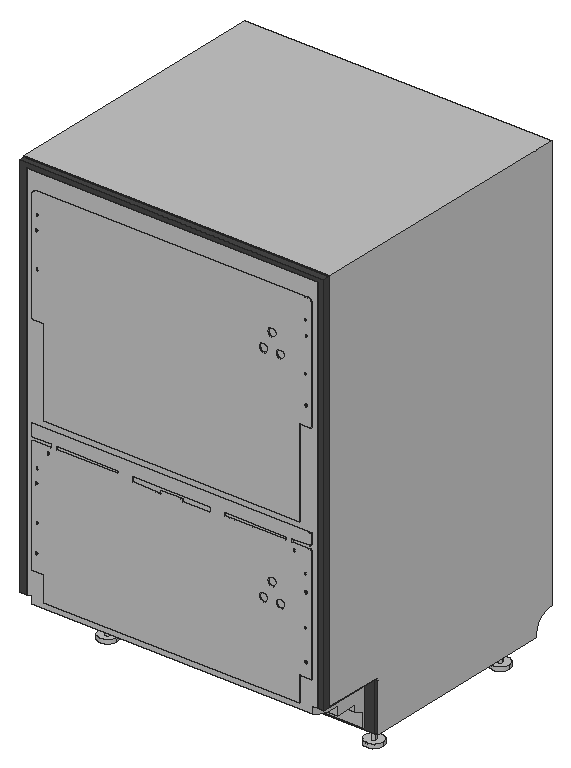
Revit family "FP_Revit_18_DD60DTX6I1_DishDrawer_90001208A", category Specialty Equipment, Revit 2018
Family settings
  Round Connector Dimension = Use Diameter
  Part Type = Normal
  OmniClass Number = 23.40.40.14.31
  OmniClass Title = Cleaning and Disposal Equipment
  Work Plane-Based = No
  Always vertical = Yes
  Cut with Voids When Loaded = Yes
  Shared = No
  Room Calculation Point = No
Parameters (values of type "DD60DTX6HI1")
  Visibility - Toe Kick = no
  Visibility - Door Panel = no
  Visibility - Clearance Required = yes
  URL = "www.fisherpaykel.com"
  Toe Kick - Recess (40mm - 100mm) [instance] = 100 mm
  Product - Width = 599 mm  # constant formula
  Product - Height (864mm - 924mm) [instance] = 900 mm
  Product - Depth = 571 mm  # constant formula
  Panel - Depth [instance] = 18 mm
  Model = "DD60DTX6HI1"
  Material - Trim = Fisher & Paykel - Black
  Material - Toe Kick = Fisher & Paykel - Stainless Steel
  Material - Front = Fisher & Paykel - Stainless Steel
  Material - Body = Fisher & Paykel - Grey
  Manufacturer = "Fisher & Paykel Appliances"
  Description = "60cm DishDrawer, Integrated"
  Connector Description - Water = "3/4” BSP (GB20) to suit flat washer"
  Connector Description - Sanitary = "Drain Hose, No Fitting Required"
  Connector Description - Electrical = "220-240 V, 50 Hz, min 8.5 A, fused electrical supply"
  Chassis - Height (855mm Tall or 811mm Std) = 855 mm  # constant formula
  Chassis - Depth = 553 mm  # constant formula
  Cavity - Width = 600 mm  # constant formula
  Cavity - Depth (excluding front panel) = 560 mm  # constant formula
Types (3, lengths in mm): name | Model
  (no name) | "DD60DTX6HI1"
  DD60DTX6HI1 | "DD60DTX6HI1"
  DD60DTX6I1 | "DD60DTX6I1"
Reference planes
  plane 1 "Datum": y = 0
  plane 2: z = 0
  plane 3 "Center (Left/Right)": x = 0
  plane 4: z = 0
  plane 5 "Product LHS": x = -299.5
  plane 6 "Product RHS": x = 299.5
  plane 7 "Product - Depth": y = 553
  plane 8 "Cavity LHS": x = -300
  plane 9 "Cavity RHS": x = 300
  plane 10 "Cavity - Depth": y = 560
  plane 11 "Leg Height": z = 45
  plane 12 "Product - Height": z = 900
  plane 13 "Cavity - Height": z = 902
  plane 14 "Door Panel - Depth": y = -18
Forms (mm)
  Extrusion 1, solid, material "Fisher & Paykel - Grey" <- "Material - Body"
    sketch origin (0, 0, 0) x (0, 1, 0) y (0, 0, 1)
      loop
        line (12, 900) -> (12, 146.5) -> (118.15, 146.5)
        arc (118.15, 146.5) -> (125.221, 143.571) -> (128.15, 136.5) r 10
        line (128.15, 136.5) -> (128.15, 45) -> (510.35, 45) -> (510.35, 89.298) -> (553, 89.298) -> (553, 900) -> (12, 900)
    from -299.5 to 299.5
  Extrusion 2, solid, material "Fisher & Paykel - Grey" <- "Material - Body", detail levels fine
    sketch origin (0, 0, 0) x (1, 0, 0) y (0, 0, 1)
      loop
        line (-274, 846.4) -> (-274, 633.176)
        arc (-274, 633.176) -> (-272.536, 629.64) -> (-269, 628.176) r 5
        line (-269, 628.176) -> (-250, 628.176) -> (-250, 458) -> (250, 458) -> (250, 628.907) -> (269, 628.907)
        arc (269, 628.907) -> (272.536, 630.371) -> (274, 633.907) r 5
        line (274, 633.907) -> (274, 846.4)
        arc (274, 846.4) -> (271.071, 853.471) -> (264, 856.4) r 10
        line (264, 856.4) -> (-264, 856.4)
        arc (-264, 856.4) -> (-271.071, 853.471) -> (-274, 846.4) r 10
      loop
        line (-274, 446.676) -> (-274, 427.976)
        arc (-274, 427.976) -> (-272.536, 424.44) -> (-269, 422.976) r 5
        line (-269, 422.976) -> (-235, 422.976) -> (-235, 416.976) -> (-269, 416.976)
        arc (-269, 416.976) -> (-272.536, 415.512) -> (-274, 411.976) r 5
        line (-274, 411.976) -> (-274, 189.476) -> (-250, 189.476) -> (-250, 139.476) -> (250, 139.476) -> (250, 189.476) -> (274, 189.476) -> (274, 411.976)
        arc (274, 411.976) -> (272.536, 415.512) -> (269, 416.976) r 5
        line (269, 416.976) -> (235, 416.976) -> (235, 422.976) -> (269, 422.976)
        arc (269, 422.976) -> (272.536, 424.44) -> (274, 427.976) r 5
        line (274, 427.976) -> (274, 446.676) -> (-274, 446.676)
      loop
        circle (241, 404.875) r 2.5
      loop
        circle (196.5, 333.976) r 8
      loop
        circle (213, 300.976) r 8
      loop
        circle (180, 300.976) r 8
      loop
        circle (262.5, 275.976) r 2.017
      loop
        circle (263.5, 216.576) r 2.612
      loop
        circle (263.5, 338.976) r 2.718
      loop
        circle (262.5, 371.476) r 2
      loop
        circle (-241, 404.875) r 2.5
      loop
        circle (-262.5, 275.976) r 2.017
      loop
        circle (-263.5, 221.576) r 2.612
      loop
        circle (-263.5, 343.976) r 2.718
      loop
        circle (-262.5, 371.476) r 2
      loop
        circle (262.5, 815.676) r 1.941
      loop
        circle (263.5, 788.176) r 2.488
      loop
        circle (262.5, 720.907) r 2
      loop
        circle (263.5, 666.507) r 2.685
      loop
        circle (-262.5, 815.676) r 1.941
      loop
        circle (-263.5, 788.176) r 2.488
      loop
        circle (-262.5, 720.176) r 2
      loop
        line (103, 422.976) -> (103, 416.976) -> (225, 416.976) -> (225, 422.976) -> (103, 422.976)
      loop
        line (-77, 422.976) -> (-77, 411.976) -> (-21, 411.976) -> (-21, 416.976) -> (21, 416.976) -> (21, 411.976) -> (77, 411.976) -> (77, 422.976) -> (-77, 422.976)
      loop
        line (-103, 422.976) -> (-225, 422.976) -> (-225, 416.976) -> (-103, 416.976) -> (-103, 422.976)
      loop
        circle (196.5, 770.907) r 8
      loop
        circle (213, 737.907) r 8
      loop
        circle (180, 737.907) r 8
    from 0 to 0.8
  Extrusion 3, solid, material "Fisher & Paykel - Black" <- "Material - Trim"
    sketch origin (0, 0, 0) x (1, 0, 0) y (0, 0, 1)
      loop
        line (-297.5, 898.541) -> (-297.5, 142.404) -> (-283.999, 142.404) -> (-283.999, 890) -> (284, 890) -> (284, 142.404) -> (297.5, 142.404) -> (297.5, 898.541) -> (-297.5, 898.541)
    from -12 to 0
  Extrusion 4, solid, material "Fisher & Paykel - Grey" <- "Material - Body"
    sketch origin (0, -1.875, 0) x (1, 0, 0) y (0, 1, 0)
      loop
        circle (-260.6, 478.3) r 4
      loop
        circle (-260.6, 170.1) r 4
      loop
        circle (260.6, 478.3) r 4
      loop
        circle (260.6, 170.1) r 4
    from 7 to 45
  Extrusion 5, solid, material "Fisher & Paykel - Grey" <- "Material - Body"
    sketch origin (0, -1.875, 0) x (1, 0, 0) y (0, 1, 0)
      loop
        circle (-260.6, 170.1) r 17.816
      loop
        circle (-260.6, 478.3) r 17.816
      loop
        circle (260.6, 170.1) r 17.816
      loop
        circle (260.6, 478.3) r 17.816
    from 0 to 7
  Sweep 6, solid, material "Fisher & Paykel - Grey" <- "Material - Body", detail levels medium+fine
    path origin (0, 537.938, 0) x (1, 0, 0) y (0, 0, 1)
      loop
        line (-134.5, 89.298) -> (-134.5, 54.132)
        arc (-134.5, 54.132) -> (-140.358, 39.989) -> (-154.5, 34.132) r 20
        line (-154.5, 34.132) -> (-349.5, 34.132)
    profile origin (-134.5, 537.938, 71.715) x (0, -1, 0) y (1, 0, 0)
      loop
        circle (0, 0) r 9
  Sweep 7, solid, material "Fisher & Paykel - Grey" <- "Material - Body", detail levels medium+fine
    path origin (0, 537.938, 0) x (1, 0, 0) y (0, 0, 1)
      loop
        line (-189.5, 89.298) -> (-189.5, 73.507)
        arc (-189.5, 73.507) -> (-195.358, 59.364) -> (-209.5, 53.507) r 20
        line (-209.5, 53.507) -> (-349.5, 53.507)
    profile origin (-189.5, 537.938, 81.402) x (0, -1, 0) y (1, 0, 0)
      loop
        circle (0, 0) r 9
  Sweep 8, solid, material "Fisher & Paykel - Grey" <- "Material - Body", detail levels medium+fine
    path origin (0, 0, 0) x (1, 0, 0) y (0, 0, 1)
      loop
        line (-349.186, 53.851) -> (-218.186, 53.851)
        arc (-218.186, 53.851) -> (-204.044, 59.709) -> (-198.186, 73.851) r 20
        line (-198.186, 73.851) -> (-198.186, 89.298)
    profile origin (-198.186, 0, 81.575) x (-1, 0, 0) y (0, -1, 0)
      loop
        circle (0, -524.105) r 5
  Extrusion 9, solid, material "Fisher & Paykel - Clearance Required", visible <- "Visibility - Clearance Required", detail levels coarse
    sketch origin (0, 0, 0) x (0, 1, 0) y (0, 0, 1)
      loop
        line (-18, 0) -> (-18, 449.976) -> (-545, 449.976) -> (-545, 380.976) -> (-586, 380.976) -> (-586, 364.973) -> (-545, 364.973) -> (-545, 0) -> (-18, 0)
      loop
        line (-18, 458) -> (-18, 900) -> (-545, 900) -> (-545, 831) -> (-586, 831) -> (-586, 814.997) -> (-545, 814.997) -> (-545, 458) -> (-18, 458)
    from -300 to 300
  Extrusion 10, solid, material "Fisher & Paykel - Clearance Required", visible <- "Visibility - Clearance Required", detail levels coarse
    sketch origin (0, 0, 0) x (1, 0, 0) y (0, 1, 0)
      loop
        line (300, 560) -> (-300, 560) -> (-300, -18) -> (300, -18) -> (300, 560)
    from 0 to 902
  Extrusion 11, void
    sketch origin (0, 0, 0) x (1, 0, 0) y (0, 1, 0)
      loop
        line (-300, -18) -> (300, -18) -> (300, 560) -> (-300, 560) -> (-300, -18)
    from 0 to 902
  Extrusion 12, solid, material "Fisher & Paykel - Grey" <- "Material - Body"
    sketch origin (0, 0, 0) x (1, 0, 0) y (0, 0, 1)
      loop
        line (-283.999, 890) -> (-283.999, 142.404) -> (284, 142.404) -> (284, 890) -> (-283.999, 890)
    from -12 to 0
  Extrusion 13, solid, material "Fisher & Paykel - Grey" <- "Material - Body"
    sketch origin (0, 0, 0) x (0, 1, 0) y (0, 0, 1)
      loop
        line (124.15, 50.492) -> (124.15, 142.404) -> (0, 142.404) -> (0, 129.265)
        arc (0, 129.265) -> (17.333, 121.771) -> (35.586, 116.932) r 126.919
        line (35.586, 116.932) -> (61.053, 116.932) -> (61.053, 99.582) -> (103.548, 99.582) -> (103.548, 88.084) -> (122.346, 77.363) -> (122.346, 50.492) -> (124.15, 50.492)
    from -275 to 275
  Extrusion 14, solid, material "Fisher & Paykel - Grey" <- "Material - Body", detail levels fine
    sketch origin (0, 0, 0) x (0, 1, 0) y (0, 0, 1)
      loop
        arc (545.956, 79.845) -> (549.529, 81.356) -> (550.933, 84.972) r 4.979
        line (550.933, 84.972) -> (550.933, 89.298) -> (510.35, 89.298) -> (510.35, 61.689) -> (530.184, 79.845) -> (545.956, 79.845)
    from -229.8 to -91.607
  Sweep 15, solid, material "Fisher & Paykel - Grey" <- "Material - Body", detail levels medium+fine
    path origin (0, 0, 0) x (1, 0, 0) y (0, 1, 0)
      loop
        line (-47.875, 510.35) -> (-47.875, 529.222)
        arc (-47.875, 529.222) -> (-52.269, 539.828) -> (-62.875, 544.222) r 15
        line (-62.875, 544.222) -> (-349.5, 544.222)
    profile origin (-47.875, 519.786, 0) x (-1, 0, 0) y (0, 0, 1)
      loop
        circle (0, 69.3) r 5
  Extrusion 16, solid, material "Fisher & Paykel - Black" <- "Material - Trim", detail levels fine
    sketch origin (0, 0, 0) x (0, 1, 0) y (0, 0, 1)
      loop
        line (128.15, 48.091) -> (128.15, 136.5)
        arc (128.15, 136.5) -> (125.221, 143.571) -> (118.15, 146.5) r 10
        line (118.15, 146.5) -> (12, 146.5) -> (12, 142.404) -> (124.15, 142.404) -> (124.15, 48.091) -> (128.15, 48.091)
    from -297.5 to 297.5
  Extrusion 17, solid, material "Fisher & Paykel - Grey" <- "Material - Body"
    sketch origin (0, 0, 0) x (0, 1, 0) y (0, 0, 1)
      loop
        line (510.35, 89.298) -> (510.35, 45) -> (514.35, 45)
        arc (514.35, 45) -> (525.48, 73.009) -> (553, 85.298) r 40
        line (553, 85.298) -> (553, 89.298) -> (510.35, 89.298)
    from 288.5 to 299.5
  Extrusion 18, solid, material "Fisher & Paykel - Grey" <- "Material - Body"
    sketch origin (0, 0, 0) x (0, 1, 0) y (0, 0, -1)
      loop
        line (510.35, -89.298) -> (553, -89.298) -> (553, -85.298)
        arc (553, -85.298) -> (525.48, -73.009) -> (514.35, -45) r 40
        line (514.35, -45) -> (510.35, -45) -> (510.35, -89.298)
    from 288.5 to 299.5
  Extrusion 19, solid, material "Fisher & Paykel - Stainless Steel" <- "Material - Front", visible <- "Visibility - Door Panel", detail levels fine
    sketch origin (0, 0, 0) x (1, 0, 0) y (0, 0, 1)
      loop
        line (-298, 900) -> (-298, 458) -> (298, 458) -> (298, 900) -> (-298, 900)
      loop
        line (-298, 449.976) -> (-298, 138.976) -> (298, 138.976) -> (298, 449.976) -> (-298, 449.976)
    from 0.8 to 18
  Extrusion 20, solid, material "Fisher & Paykel - Grey", visible <- "Visibility - Toe Kick"
    sketch origin (0, 0, 0) x (0, 1, 0) y (0, 0, 1)
      loop
        line (100, 12) -> (100, 116.932) -> (82, 116.932) -> (82, 12) -> (100, 12)
    from -297.5 to 297.5
Cuts and joins
  joined: Extrusion 1, Extrusion 17, Extrusion 18
  joined: Extrusion 12, Extrusion 13
Text (mm)
  text "Due to ongoing product development, product details are subject to change without notice. \nPlease always refer to www.fisherpaykel.com for the most current product information. \n© Fisher & Paykel 2020" at (41.04, -690.05, 0), in view "Ref. Level (Plan)"
Dimensions and locks
  equal spacing: plane 5 "Product LHS", plane 3 "Center (Left/Right)", plane 6 "Product RHS"
  "Product - Width": plane 5 "Product LHS" to plane 6 "Product RHS"
  "Chassis - Depth": plane 1 "Datum" to plane 7 "Product - Depth"
  equal spacing: plane 8 "Cavity LHS", plane 3 "Center (Left/Right)", plane 9 "Cavity RHS"
  "Cavity - Width": plane 8 "Cavity LHS" to plane 9 "Cavity RHS"
  Extrusion 1 sketch curve to Extrusion 1 sketch curve = 855 mm
  Extrusion 2 sketch curve to plane 11 "Leg Height" = 401.676 mm
  "Chassis - Height (855mm Tall or 811mm Std)": plane 12 "Product - Height" to plane 11 "Leg Height"
  Extrusion 2 sketch curve to plane 11 "Leg Height" = 583.176 mm
  locked: plane 12 "Product - Height" to Extrusion 2 sketch curve at 43.6
  "Product - Height (864mm - 924mm)": plane 12 "Product - Height" to level
  plane 12 "Product - Height" to Extrusion 2 = 43.6 mm
  Extrusion 2 to plane 11 "Leg Height" = 401.676 mm
  Extrusion 2 to plane 11 "Leg Height" = 413 mm
  locked: plane 13 "Cavity - Height" to plane 12 "Product - Height" at 2
  "Panel - Depth": plane 14 "Door Panel - Depth" to plane 1 "Datum"
  plane 14 "Door Panel - Depth" to plane 7 "Product - Depth" = 571 mm
  locked: plane 11 "Leg Height" to Sweep 15 sketch curve at 24.3
  equal spacing: Extrusion 19 sketch curve, plane 3 "Center (Left/Right)", Extrusion 19 sketch curve
  locked: Extrusion 19 sketch curve to Extrusion 19 sketch curve at 442
  locked: Extrusion 19 sketch curve to Extrusion 19 sketch curve at 311
  locked: Extrusion 19 sketch curve to Extrusion 19 sketch curve at 8.024
  locked: Extrusion 19 sketch curve to Extrusion 19 sketch curve at 596
  plane 12 "Product - Height" to Extrusion 19 sketch curve = 0 mm
  locked: plane 11 "Leg Height" to cut or joined group of Extrusion 12, Extrusion 13 at 71.932
  locked: Extrusion 9 to Extrusion 20 sketch curve at 12
  "Panel - Depth": Extrusion 20 to Extrusion 20
  "Toe Kick - Recess (40mm - 100mm)": plane 14 "Door Panel - Depth" to Extrusion 20
  "Cavity - Depth (excluding front panel)": plane 1 "Datum" to plane 10 "Cavity - Depth"
  aligned and locked: level to plane 2
  aligned and locked: Extrusion 1 sketch curve to plane 11 "Leg Height"
  aligned and locked: Extrusion 4 to Extrusion 5
  aligned and locked: plane 12 "Product - Height" to Extrusion 1
  aligned and locked: Extrusion 9 to plane 9 "Cavity RHS"
  aligned and locked: plane 8 "Cavity LHS" to Extrusion 9
  aligned and locked: Extrusion 10 sketch curve to plane 8 "Cavity LHS"
  aligned and locked: Extrusion 10 sketch curve to plane 9 "Cavity RHS"
  aligned and locked: plane 10 "Cavity - Depth" to Extrusion 10 sketch curve
  aligned and locked: Extrusion 4 to Extrusion 1
  aligned and locked: plane 13 "Cavity - Height" to Extrusion 11
  aligned and locked: Extrusion 9 to level
  aligned and locked: Extrusion 14 to Extrusion 1
  aligned and locked: Extrusion 17 sketch curve to Extrusion 1
  aligned and locked: cut or joined group of Extrusion 1, Extrusion 17, Extrusion 18 to Sweep 6 sketch curve
  aligned and locked: cut or joined group of Extrusion 1, Extrusion 17, Extrusion 18 to Sweep 7 sketch curve
  aligned and locked: Sweep 7 to Sweep 8 sketch curve
  aligned and locked: Extrusion 19 sketch curve to Extrusion 19 sketch curve  (x2)
  aligned and locked: Extrusion 19 to Extrusion 9  (x2)
  aligned and locked: Extrusion 11 to Extrusion 19
  aligned and locked: Extrusion 9 to Extrusion 2
  aligned and locked: Extrusion 9 to Extrusion 19
  aligned and locked: Extrusion 10 to Extrusion 9
  aligned and locked: Extrusion 11 to Extrusion 9
  aligned and locked: plane 14 "Door Panel - Depth" to Extrusion 19
  aligned and locked: plane 12 "Product - Height" to Extrusion 9
  aligned and locked: Extrusion 10 to Extrusion 11
Automatic sketch dimensions
  Extrusion 1 sketch curve to plane 7 "Product - Depth" = 0 mm
  Extrusion 1 sketch curve to plane 7 "Product - Depth" = 42.65 mm
  Extrusion 1 sketch curve to plane 1 "Datum" = 128.15 mm
  Extrusion 1 sketch curve to Extrusion 1 sketch curve = 10 mm
  Extrusion 1 sketch curve to plane 1 "Datum" = 12 mm
  Extrusion 1 sketch curve to plane 11 "Leg Height" = 44.298 mm
  Extrusion 1 sketch curve to plane 11 "Leg Height" = 91.5 mm
  Extrusion 2 sketch curve to plane 5 "Product LHS" = 25.5 mm  (x3)
  Extrusion 2 sketch curve to Extrusion 2 sketch curve = 5 mm  (x7)
  Extrusion 2 sketch curve to Extrusion 2 sketch curve = 10 mm  (x3)
  Extrusion 2 sketch curve to plane 5 "Product LHS" = 36 mm  (x2)
  Extrusion 2 sketch curve to Extrusion 2 sketch curve = 10.5 mm
  Extrusion 2 sketch curve to Extrusion 2 sketch curve = 1 mm  (x4)
  Extrusion 2 sketch curve to plane 5 "Product LHS" = 37 mm  (x2)
  Extrusion 2 sketch curve to Extrusion 2 sketch curve = 24 mm  (x2)
  Extrusion 2 sketch curve to plane 5 "Product LHS" = 49.5 mm
  Extrusion 2 sketch curve to Extrusion 2 sketch curve = 28 mm
  Extrusion 2 sketch curve to Extrusion 2 sketch curve = 6 mm  (x7)
  Extrusion 2 sketch curve to plane 3 "Center (Left/Right)" = 103 mm
  Extrusion 2 sketch curve to Extrusion 2 sketch curve = 26 mm  (x2)
  Extrusion 2 sketch curve to plane 3 "Center (Left/Right)" = 21 mm
  plane 3 "Center (Left/Right)" to Extrusion 2 sketch curve = 21 mm
  Extrusion 2 sketch curve to Extrusion 2 sketch curve = 56 mm
  plane 6 "Product RHS" to Extrusion 2 sketch curve = 119.5 mm  (x2)
  Extrusion 2 sketch curve to Extrusion 2 sketch curve = 16.5 mm  (x2)
  Extrusion 2 sketch curve to Extrusion 2 sketch curve = 33 mm  (x4)
  plane 6 "Product RHS" to Extrusion 2 sketch curve = 74.5 mm
  plane 6 "Product RHS" to Extrusion 2 sketch curve = 49.5 mm  (x2)
  plane 6 "Product RHS" to Extrusion 2 sketch curve = 37 mm  (x4)
  Extrusion 2 sketch curve to Extrusion 2 sketch curve = 13.5 mm
  plane 6 "Product RHS" to Extrusion 2 sketch curve = 36 mm
  Extrusion 2 sketch curve to Extrusion 2 sketch curve = 1.5 mm
  plane 6 "Product RHS" to Extrusion 2 sketch curve = 30.5 mm
  Extrusion 2 sketch curve to Extrusion 2 sketch curve = 19 mm
  Extrusion 2 sketch curve to Extrusion 2 sketch curve = 0 mm  (x6)
  Extrusion 2 sketch curve to Extrusion 2 sketch curve = 18.7 mm  (x2)
  Extrusion 2 sketch curve to Extrusion 2 sketch curve = 11 mm
  Extrusion 2 sketch curve to Extrusion 2 sketch curve = 12.101 mm  (x2)
  Extrusion 2 sketch curve to Extrusion 2 sketch curve = 33.399 mm  (x2)
  Extrusion 2 sketch curve to Extrusion 2 sketch curve = 27.5 mm  (x3)
  Extrusion 2 sketch curve to Extrusion 2 sketch curve = 32.5 mm
  Extrusion 2 sketch curve to Extrusion 2 sketch curve = 68 mm
  Extrusion 2 sketch curve to Extrusion 2 sketch curve = 25 mm
  Extrusion 2 sketch curve to Extrusion 2 sketch curve = 54.4 mm  (x2)
  Extrusion 2 sketch curve to Extrusion 2 sketch curve = 59.4 mm
  Extrusion 2 sketch curve to Extrusion 2 sketch curve = 27.1 mm
  Extrusion 2 sketch curve to Extrusion 2 sketch curve = 32.1 mm
  Extrusion 2 sketch curve to Extrusion 2 sketch curve = 50 mm
  Extrusion 2 sketch curve to Extrusion 2 sketch curve = 11.324 mm
  Extrusion 2 sketch curve to Extrusion 2 sketch curve = 170.907 mm
  Extrusion 2 sketch curve to Extrusion 2 sketch curve = 32.6 mm
  Extrusion 2 sketch curve to Extrusion 2 sketch curve = 87 mm
  Extrusion 2 sketch curve to Extrusion 2 sketch curve = 17 mm
  Extrusion 2 sketch curve to Extrusion 2 sketch curve = 58.224 mm  (x2)
  Extrusion 3 sketch curve to plane 5 "Product LHS" = 2 mm
  Extrusion 3 sketch curve to plane 5 "Product LHS" = 15.501 mm
  plane 6 "Product RHS" to Extrusion 3 sketch curve = 15.5 mm
  plane 6 "Product RHS" to Extrusion 3 sketch curve = 2 mm
  Extrusion 3 sketch curve to plane 11 "Leg Height" = 97.404 mm  (x2)
  Extrusion 3 sketch curve to plane 12 "Product - Height" = 10 mm
  Extrusion 3 sketch curve to plane 12 "Product - Height" = 1.459 mm
  Extrusion 4 sketch curve to plane 5 "Product LHS" = 38.9 mm  (x2)
  plane 6 "Product RHS" to Extrusion 4 sketch curve = 38.9 mm  (x2)
  Extrusion 4 sketch curve to plane 1 "Datum" = 168.225 mm  (x2)
  Extrusion 4 sketch curve to plane 7 "Product - Depth" = 76.575 mm  (x2)
  Extrusion 5 sketch curve to plane 5 "Product LHS" = 38.9 mm  (x2)
  plane 6 "Product RHS" to Extrusion 5 sketch curve = 38.9 mm  (x2)
  Extrusion 5 sketch curve to plane 1 "Datum" = 168.225 mm  (x2)
  Extrusion 5 sketch curve to plane 7 "Product - Depth" = 76.575 mm  (x2)
  Sweep 6 sketch curve to profile plane = 0 mm
  profile plane to Sweep 6 sketch curve = 0 mm
  Sweep 7 sketch curve to profile plane = 0 mm
  profile plane to Sweep 7 sketch curve = 0 mm
  Sweep 8 sketch curve to profile plane = 0 mm
  Sweep 8 sketch curve to plane 1 "Datum" = 524.105 mm
  Extrusion 11 sketch curve to plane 8 "Cavity LHS" = 0 mm
  Extrusion 11 sketch curve to plane 9 "Cavity RHS" = 0 mm
  Extrusion 11 sketch curve to plane 14 "Door Panel - Depth" = 0 mm
  Extrusion 11 sketch curve to plane 10 "Cavity - Depth" = 0 mm
  Extrusion 12 sketch curve to plane 5 "Product LHS" = 15.501 mm
  plane 6 "Product RHS" to Extrusion 12 sketch curve = 15.5 mm
  Extrusion 12 sketch curve to plane 11 "Leg Height" = 97.404 mm
  Extrusion 12 sketch curve to plane 12 "Product - Height" = 10 mm
  Extrusion 13 sketch curve to plane 1 "Datum" = 0 mm
  Extrusion 13 sketch curve to plane 1 "Datum" = 35.586 mm
  Extrusion 13 sketch curve to plane 1 "Datum" = 58.892 mm
  Extrusion 13 sketch curve to Extrusion 13 sketch curve = 25.467 mm
  Extrusion 13 sketch curve to Extrusion 13 sketch curve = 42.495 mm
  Extrusion 13 sketch curve to plane 11 "Leg Height" = 32.363 mm
  Extrusion 13 sketch curve to Extrusion 13 sketch curve = 18.798 mm
  Extrusion 13 sketch curve to Extrusion 13 sketch curve = 20.602 mm
  Extrusion 13 sketch curve to plane 11 "Leg Height" = 5.492 mm
  Extrusion 13 sketch curve to Extrusion 13 sketch curve = 10.721 mm
  Extrusion 13 sketch curve to Extrusion 13 sketch curve = 11.498 mm
  Extrusion 13 sketch curve to Extrusion 13 sketch curve = 17.35 mm
  Extrusion 13 sketch curve to Extrusion 13 sketch curve = 12.332 mm
  Extrusion 13 sketch curve to Extrusion 13 sketch curve = 13.139 mm
  Extrusion 14 sketch curve to plane 7 "Product - Depth" = 42.65 mm
  Extrusion 14 sketch curve to Extrusion 14 sketch curve = 19.834 mm
  Extrusion 14 sketch curve to plane 7 "Product - Depth" = 7.044 mm
  Extrusion 14 sketch curve to plane 7 "Product - Depth" = 2.067 mm
  Extrusion 14 sketch curve to plane 11 "Leg Height" = 16.689 mm
  Extrusion 14 sketch curve to Extrusion 14 sketch curve = 18.156 mm
  Extrusion 14 sketch curve to Extrusion 14 sketch curve = 4.979 mm
  Extrusion 14 sketch curve to Extrusion 14 sketch curve = 4.326 mm
  Sweep 15 sketch curve to plane 7 "Product - Depth" = 8.778 mm
  Sweep 15 sketch curve to plane 3 "Center (Left/Right)" = 62.875 mm
  Sweep 15 sketch curve to Sweep 15 sketch curve = 15 mm
  plane 8 "Cavity LHS" to Sweep 15 sketch curve = 49.5 mm
  Sweep 15 sketch curve to Sweep 15 sketch curve = 18.872 mm
  Sweep 15 sketch curve to profile plane = 0 mm
  Extrusion 16 sketch curve to plane 1 "Datum" = 12 mm
  Extrusion 16 sketch curve to Extrusion 16 sketch curve = 106.15 mm
  Extrusion 16 sketch curve to plane 11 "Leg Height" = 3.091 mm
  Extrusion 16 sketch curve to Extrusion 16 sketch curve = 6 mm
  Extrusion 16 sketch curve to Extrusion 16 sketch curve = 4 mm
  Extrusion 16 sketch curve to Extrusion 16 sketch curve = 88.409 mm
  Extrusion 16 sketch curve to Extrusion 16 sketch curve = 4.096 mm
  plane 11 "Leg Height" to Extrusion 17 sketch curve = 0 mm
  Extrusion 17 sketch curve to plane 7 "Product - Depth" = 0 mm
  Extrusion 17 sketch curve to Extrusion 17 sketch curve = 4 mm  (x2)
  Extrusion 17 sketch curve to plane 11 "Leg Height" = 0.321 mm
  plane 7 "Product - Depth" to Extrusion 17 sketch curve = 1.349 mm
  plane 11 "Leg Height" to Extrusion 18 sketch curve = 0 mm
  Extrusion 18 sketch curve to plane 7 "Product - Depth" = 0 mm
  Extrusion 18 sketch curve to plane 7 "Product - Depth" = 38.65 mm
  Extrusion 18 sketch curve to Extrusion 18 sketch curve = 42.65 mm
  Extrusion 18 sketch curve to plane 11 "Leg Height" = 0.321 mm
  plane 7 "Product - Depth" to Extrusion 18 sketch curve = 1.349 mm
  Extrusion 18 sketch curve to Extrusion 18 sketch curve = 4 mm
  plane 11 "Leg Height" to Sweep 6 sketch curve = 10.868 mm
  Sweep 6 sketch curve to plane 5 "Product LHS" = 145 mm
  Sweep 6 sketch curve to plane 11 "Leg Height" = 9.132 mm
  plane 8 "Cavity LHS" to Sweep 6 sketch curve = 49.5 mm
  Sweep 7 sketch curve to plane 11 "Leg Height" = 8.507 mm
  Sweep 7 sketch curve to plane 5 "Product LHS" = 90 mm
  plane 8 "Cavity LHS" to Sweep 7 sketch curve = 49.5 mm
  Sweep 7 sketch curve to Sweep 7 sketch curve = 15.792 mm
  Sweep 8 sketch curve to plane 11 "Leg Height" = 8.851 mm
  Sweep 8 sketch curve to plane 5 "Product LHS" = 81.314 mm
  plane 8 "Cavity LHS" to Sweep 8 sketch curve = 49.186 mm
  Sweep 8 sketch curve to Sweep 8 sketch curve = 15.447 mm
  Extrusion 10 sketch curve to plane 14 "Door Panel - Depth" = 0 mm
  Extrusion 9 sketch curve to plane 12 "Product - Height" = 0 mm
  Extrusion 9 sketch curve to level = 0 mm
  Extrusion 9 sketch curve to plane 14 "Door Panel - Depth" = 0 mm  (x2)
  Extrusion 9 sketch curve to Extrusion 9 sketch curve = 527 mm
  Extrusion 9 sketch curve to Extrusion 9 sketch curve = 0 mm  (x3)
  Extrusion 9 sketch curve to Extrusion 9 sketch curve = 41 mm  (x2)
  Extrusion 9 sketch curve to plane 11 "Leg Height" = 319.973 mm
  Extrusion 9 sketch curve to Extrusion 9 sketch curve = 16.003 mm  (x2)
  Extrusion 9 sketch curve to plane 11 "Leg Height" = 404.976 mm
  Extrusion 9 sketch curve to Extrusion 9 sketch curve = 8.024 mm
  Extrusion 9 sketch curve to plane 12 "Product - Height" = 85.003 mm
  Extrusion 20 sketch curve to plane 1 "Datum" = 82 mm
  Extrusion 20 sketch curve to Extrusion 20 sketch curve = 18 mm
  Extrusion 20 sketch curve to plane 11 "Leg Height" = 71.932 mm
  radius of Extrusion 2 sketch curve = 2.5 mm  (x2)
  radius of Extrusion 2 sketch curve = 8 mm  (x6)
  radius of Extrusion 2 sketch curve = 2.017 mm  (x2)
  radius of Extrusion 2 sketch curve = 2.612 mm  (x2)
  radius of Extrusion 2 sketch curve = 2.718 mm  (x2)
  radius of Extrusion 2 sketch curve = 2 mm  (x4)
  radius of Extrusion 2 sketch curve = 1.941 mm  (x2)
  radius of Extrusion 2 sketch curve = 2.488 mm  (x2)
  radius of Extrusion 2 sketch curve = 2.685 mm
  radius of Extrusion 4 sketch curve = 4 mm  (x4)
  radius of Extrusion 5 sketch curve = 17.816 mm  (x4)
  radius of Sweep 6 sketch curve = 9 mm
  radius of Sweep 7 sketch curve = 9 mm
  radius of Sweep 8 sketch curve = 5 mm
  radius of Sweep 15 sketch curve = 5 mm
Connectors
  piping at (-349.186, 524.105, 53.851), diameter 10, driven by "Connector Description - Water"
    settings: on Sweep 8, index 2, connector inside diameter 609.6 mm, connector length 0 mm, flow factor 0, pipe flow 0.0 L/s, pressure drop 0.0 Pa, fitting loss kfactor 0, connector angle 0.00°, fixture units 0, engagement length 0 mm, angle of deflection 0.00°, flow configuration 0, flow direction 1, fitting loss method 0, system type 20, joint type 0, gender type 0, connector reference index -1, connector utility 0, adjustable connector no, is connector primary yes, connector description "3/4” BSP (GB20) to suit flat washer"
  piping at (-349.5, 537.938, 53.507), diameter 15.9, driven by "Connector Description - Sanitary"
    settings: on Sweep 7, index 3, connector inside diameter 609.6 mm, connector length 0 mm, flow factor 0, pipe flow 0.0 L/s, pressure drop 0.0 Pa, fitting loss kfactor 0, connector angle 0.00°, fixture units 0, engagement length 0 mm, angle of deflection 0.00°, flow configuration 0, flow direction 2, fitting loss method 0, system type 16, joint type 0, gender type 0, connector reference index -1, connector utility 0, adjustable connector no, is connector primary no, connector description "Drain Hose, No Fitting Required"
  piping at (-349.5, 537.938, 34.132), diameter 15.9, driven by "Connector Description - Sanitary"
    settings: on Sweep 6, index 4, connector inside diameter 609.6 mm, connector length 0 mm, flow factor 0, pipe flow 0.0 L/s, pressure drop 0.0 Pa, fitting loss kfactor 0, connector angle 0.00°, fixture units 0, engagement length 0 mm, angle of deflection 0.00°, flow configuration 0, flow direction 2, fitting loss method 0, system type 16, joint type 0, gender type 0, connector reference index -1, connector utility 0, adjustable connector no, is connector primary no, connector description "Drain Hose, No Fitting Required"
  electrical at (-349.5, 544.222, 69.3), driven by "Connector Description - Electrical"
    settings: on Sweep 15, index 5, voltage 230 V, apparent load 0 VA, apparent load phase1 0 VA, apparent load phase2 0 VA, apparent load phase3 0 VA, power factor 1, load classification "Other", number of poles 1, system type 30, power factor state 1, is connector primary yes, connector utility no, sub classification motor no, connector description "220-240 V, 50 Hz, min 8.5 A, fused electrical supply"
